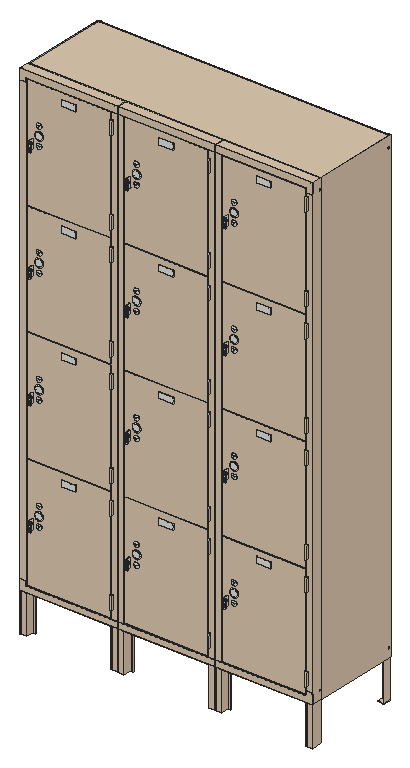
Revit family "Metal_Vented_Lockers-Salsbury_Industries-84000_Series-3_Wide_Units", category Specialty Equipment, Revit 2016 (continued)
Definition of nested family "Metal Locker Zee Base - 3 Wide"
  Types (6): name | Width | Visible | Model | Depth
    None | 36.040" | no | "77572" | 12.010"
  Reference planes (in)
    plane 1 "Center (Front/Back)": y = 0
    plane 2: z = 0
    plane 3 "Center (Left/Right)": x = 0
    plane 4 "Floor": z = 0
    plane 5 "Bottom of Unit": z = 4
    plane 6 "Left Side of Unit": x = -22.52
    plane 7 "Right Side of Unit": x = 22.52
    plane 8 "Back of Unit": y = 7.505
    plane 9 "Front of Unit": y = -7.505
    plane 10 "Right Side of Door Opening": x = 21.52
    plane 11 "Left Side of Door Opening": x = -21.52
    plane 12 "Top of back legs": z = 4.185
    plane 13 "Back Edge of Front Facing": y = -5.917
    plane 14 "Inside Edge of Front Leg": x = -21.08
    plane 15 "Inside Edge of Right Leg": x = 21.08
    plane 16: y = -6.32
    plane 17 "Back Edge of Rear Legs": y = 7.395
    plane 18 "Right Edge of Rear Right Leg": x = 22.4
    plane 19 "Left Edge or Rear Left Leg": x = -22.4
    plane 20: y = 6.395
    plane 21 "Inside Edge or Rear Right Leg": x = 21.4
    plane 22 "Inside Edge or Left Rear Leg": x = -21.4
  Forms (in)
    Extrusion 1, solid, material <- "Primary Structure Material", visible <- "Visible"
      sketch origin (0, 0, 0) x (0, -1, 0) y (1, 0, 0)
        loop
          line (-7.395, 22.4) -> (-7.395, 21.4) -> (-7.335, 21.4) -> (-7.335, 22.34) -> (-6.395, 22.34) -> (-6.395, 22.4) -> (-7.395, 22.4)
      from 0.06 to 4.185
    Extrusion 2, solid, material <- "Primary Structure Material", visible <- "Visible"
      sketch origin (0, 0, 0) x (0, -1, 0) y (1, 0, 0)
        loop
          line (-7.395, 22.4) -> (-7.395, 21.4) -> (-6.395, 21.4) -> (-6.395, 22.4) -> (-7.395, 22.4)
      from 0 to 0.06
    Extrusion 3, solid, material <- "Primary Structure Material", visible <- "Visible"
      sketch origin (0, 0, 0) x (0, -1, 0) y (1, 0, 0)
        loop
          line (-7.395, -22.4) -> (-6.395, -22.4) -> (-6.395, -22.34) -> (-7.335, -22.34) -> (-7.335, -21.4) -> (-7.395, -21.4) -> (-7.395, -22.4)
      from 0.06 to 4.185
    Extrusion 4, solid, material <- "Primary Structure Material", visible <- "Visible"
      sketch origin (0, 0, 0) x (0, -1, 0) y (1, 0, 0)
        loop
          line (-7.395, -22.4) -> (-6.395, -22.4) -> (-6.395, -21.4) -> (-7.395, -21.4) -> (-7.395, -22.4)
      from 0 to 0.06
    Extrusion 5, solid, material <- "Primary Structure Material", visible <- "Visible"
      sketch origin (0, 0, 0) x (0, 1, 0) y (0, 0, 1)
        loop
          line (-7.505, 4) -> (-7.505, 3.94) -> (-5.917, 3.94) -> (-5.917, 0) -> (-4.269, 0) -> (-4.269, 0.06) -> (-5.857, 0.06) -> (-5.857, 4) -> (-7.505, 4)
      from -22.52 to 22.52
  Dimensions and locks (in)
    equal spacing: plane 6 "Left Side of Unit", plane 3 "Center (Left/Right)", plane 7 "Right Side of Unit"
    "Width": plane 6 "Left Side of Unit" to plane 7 "Right Side of Unit"
    "Height": plane 5 "Bottom of Unit" to plane 4 "Floor"
    equal spacing: plane 9 "Front of Unit", plane 1 "Center (Front/Back)", plane 8 "Back of Unit"
    "Depth": plane 9 "Front of Unit" to plane 8 "Back of Unit"
    plane 12 "Top of back legs" to plane 5 "Bottom of Unit" = 0.185"
    plane 6 "Left Side of Unit" to plane 11 "Left Side of Door Opening" = 1.000"
    plane 10 "Right Side of Door Opening" to plane 7 "Right Side of Unit" = 1.000"
    locked: plane 9 "Front of Unit" to plane 13 "Back Edge of Front Facing" at 1.588
    plane 11 "Left Side of Door Opening" to plane 14 "Inside Edge of Front Leg" = 0.440"
    plane 15 "Inside Edge of Right Leg" to plane 10 "Right Side of Door Opening" = 0.440"
    plane 9 "Front of Unit" to plane 16 = 1.185"
    plane 15 "Inside Edge of Right Leg" to plane 21 "Inside Edge or Rear Right Leg" to plane 10 "Right Side of Door Opening" to plane 18 "Right Edge of Rear Right Leg" to plane 7 "Right Side of Unit" = 0.320", 0.120", 0.880", 0.120"
    plane 6 "Left Side of Unit" to plane 19 "Left Edge or Rear Left Leg" to plane 11 "Left Side of Door Opening" to plane 22 "Inside Edge or Left Rear Leg" to plane 14 "Inside Edge of Front Leg" = 0.120", 0.880", 0.120", 0.320"
    plane 20 to plane 17 "Back Edge of Rear Legs" to plane 8 "Back of Unit" = 1.000", 0.110"
    aligned and locked: level to plane 2
    aligned and locked: Extrusion 1 to Extrusion 2
    aligned and locked: Extrusion 4 to Extrusion 3
    aligned and locked: Extrusion 1 to plane 18 "Right Edge of Rear Right Leg"
    aligned and locked: Extrusion 1 to plane 17 "Back Edge of Rear Legs"
    aligned and locked: Extrusion 3 to plane 19 "Left Edge or Rear Left Leg"
    aligned and locked: plane 17 "Back Edge of Rear Legs" to Extrusion 3
    aligned and locked: Extrusion 1 to plane 12 "Top of back legs"
    aligned and locked: plane 12 "Top of back legs" to Extrusion 3
    aligned and locked: Extrusion 5 to plane 7 "Right Side of Unit"
    aligned and locked: plane 6 "Left Side of Unit" to Extrusion 5
  Automatic sketch dimensions
    plane 17 "Back Edge of Rear Legs" to Extrusion 1 sketch curve = 0.000"
    Extrusion 1 sketch curve to plane 21 "Inside Edge or Rear Right Leg" = 0.000"
    Extrusion 1 sketch curve to plane 18 "Right Edge of Rear Right Leg" = 0.000"
    plane 20 to Extrusion 1 sketch curve = 0.000"
    plane 17 "Back Edge of Rear Legs" to Extrusion 1 sketch curve = 0.060"
    plane 18 "Right Edge of Rear Right Leg" to Extrusion 1 sketch curve = 0.060"
    plane 17 "Back Edge of Rear Legs" to Extrusion 2 sketch curve = 0.000"
    Extrusion 2 sketch curve to plane 18 "Right Edge of Rear Right Leg" = 0.000"
    plane 20 to Extrusion 2 sketch curve = 0.000"
    Extrusion 2 sketch curve to plane 21 "Inside Edge or Rear Right Leg" = 0.000"
    plane 17 "Back Edge of Rear Legs" to Extrusion 3 sketch curve = 0.000"
    Extrusion 3 sketch curve to plane 22 "Inside Edge or Left Rear Leg" = 0.000"
    Extrusion 3 sketch curve to plane 19 "Left Edge or Rear Left Leg" = 0.000"
    plane 20 to Extrusion 3 sketch curve = 0.000"
    Extrusion 3 sketch curve to plane 17 "Back Edge of Rear Legs" = 0.060"
    Extrusion 3 sketch curve to plane 19 "Left Edge or Rear Left Leg" = 0.060"
    plane 17 "Back Edge of Rear Legs" to Extrusion 4 sketch curve = 0.000"
    Extrusion 4 sketch curve to plane 19 "Left Edge or Rear Left Leg" = 0.000"
    plane 20 to Extrusion 4 sketch curve = 0.000"
    Extrusion 4 sketch curve to plane 22 "Inside Edge or Left Rear Leg" = 0.000"
    Extrusion 5 sketch curve to plane 9 "Front of Unit" = 0.000"
    Extrusion 5 sketch curve to level = 0.000"
    Extrusion 5 sketch curve to plane 13 "Back Edge of Front Facing" = 0.000"
    plane 5 "Bottom of Unit" to Extrusion 5 sketch curve = 0.000"
    Extrusion 5 sketch curve to plane 13 "Back Edge of Front Facing" = 0.060"
    Extrusion 5 sketch curve to Extrusion 5 sketch curve = 1.588"
    level to Extrusion 5 sketch curve = 0.060"
    plane 5 "Bottom of Unit" to Extrusion 5 sketch curve = 0.060"
Definition of nested family "Metal Locker Zee Base-Right Side"
  Parameters (values of type "77578 Right - 18" D")
    Width including Rivet [instance] = 1.290"
    Visible = yes
    Primary Structure Material = none
    Depth = 16.362"
    Version = "1.0 (11/30/15)"
    Type Comments = "Zee Base Kit for Standard Metal Lockers - No Legs"
    Model = "77578"
    MasterFormat Title = ""
    MasterFormat Number = ""
    Manufacturer = "Salsbury Industries"
    Description = "4\" H x 6' L - for 12\" Deep Lockers (Includes 6 Foot Front Base, 2 End Bases, Corner Splicer and 4 Rear Legs)"
    Width = 4.000"
    Height = 4.000"
    Assembly Code = ""
  Types (4): name | Visible | Depth | Type Comments | Model | Description
    77572 Right - 12" D | yes | 10.362" | "Zee Base Kit for Standard Metal Lockers - No Legs" | "77572" | "4\" H x 6' L - for 12\" Deep Lockers (Includes 6 Foot Front Base, 2 End Bases, Corner Splicer and 4 Rear Legs)"
    77575 Right - 15" D | yes | 13.362" | "Zee Base Kit for Standard Metal Lockers - No Legs" | "77575" | "4\" H x 6' L - for 12\" Deep Lockers (Includes 6 Foot Front Base, 2 End Bases, Corner Splicer and 4 Rear Legs)"
    77578 Right - 18" D | yes | 16.362" | "Zee Base Kit for Standard Metal Lockers - No Legs" | "77578" | "4\" H x 6' L - for 12\" Deep Lockers (Includes 6 Foot Front Base, 2 End Bases, Corner Splicer and 4 Rear Legs)"
    None | no | 10.362" | "End Base for Standard Metal Lockers" | "" | ""
  Reference planes (in)
    plane 1 "Center (Front/Back)": y = 0
    plane 2: z = 0
    plane 3 "Center (Left/Right)": x = 3.99
    plane 4 "Floor": z = 0
    plane 5 "Top of Enclosure": z = 4
    plane 6 "Left Edge of Insert": x = 4.77
    plane 7 "Right Side of Unit": x = 5.99
    plane 8 "Left Edge of Enclosure": y = -8.181
    plane 9 "Right Edge of Enclosure": y = 8.181
    plane 10 "Bottom Edge of Enclosure": z = 0.06
    plane 11 "Left Edge of Base": x = 1.99
  Forms (in)
    Extrusion 1, solid, material <- "Primary Structure Material", visible <- "Visible"
      sketch origin (5.99, 0, 0) x (0, 0, -1) y (0, -1, 0)
        loop
          line (-4, 6.93967) -> (-4, -6.931) -> (-3.94, -6.931) -> (-3.94, 6.93967) -> (-4, 6.93967)
      from 0.06 to 1.22
    Extrusion 2, solid, material <- "Primary Structure Material", visible <- "Visible"
      sketch origin (0, 0, 0) x (0, -1, 0) y (1, 0, 0)
        loop
          line (-8.181, 1.99) -> (-8.121, 1.99) -> (-8.121, 5.93) -> (8.121, 5.93) -> (8.121, 1.99) -> (8.181, 1.99) -> (8.181, 5.99) -> (-8.181, 5.99) -> (-8.181, 1.99)
      from 0.06 to 4
  Dimensions and locks (in)
    "Height": plane 5 "Top of Enclosure" to plane 4 "Floor"
    equal spacing: plane 8 "Left Edge of Enclosure", plane 1 "Center (Front/Back)", plane 9 "Right Edge of Enclosure"
    "Depth": plane 8 "Left Edge of Enclosure" to plane 9 "Right Edge of Enclosure"
    "Width": plane 11 "Left Edge of Base" to plane 7 "Right Side of Unit"
    equal spacing: plane 11 "Left Edge of Base", plane 3 "Center (Left/Right)", plane 7 "Right Side of Unit"
    locked: plane 4 "Floor" to plane 10 "Bottom Edge of Enclosure" at 0.06
    aligned and locked: level to plane 2
    aligned and locked: plane 6 "Left Edge of Insert" to Extrusion 1
    aligned and locked: Extrusion 2 to plane 9 "Right Edge of Enclosure"
    aligned and locked: Extrusion 2 to plane 10 "Bottom Edge of Enclosure"
    aligned and locked: plane 11 "Left Edge of Base" to Extrusion 2
  Automatic sketch dimensions
    plane 5 "Top of Enclosure" to Extrusion 1 sketch curve = 0.000"
    Extrusion 1 sketch curve to Extrusion 1 sketch curve = 0.060"
    plane 9 "Right Edge of Enclosure" to Extrusion 1 sketch curve = 1.250"
    Extrusion 1 sketch curve to plane 8 "Left Edge of Enclosure" = 1.24133"
    Extrusion 2 sketch curve to plane 7 "Right Side of Unit" = 0.000"
    plane 9 "Right Edge of Enclosure" to Extrusion 2 sketch curve = 0.000"
    plane 6 "Left Edge of Insert" to Extrusion 2 sketch curve = 2.780"  (x2)
    Extrusion 2 sketch curve to Extrusion 2 sketch curve = 0.060"
    plane 7 "Right Side of Unit" to Extrusion 2 sketch curve = 0.060"
    Extrusion 2 sketch curve to plane 8 "Left Edge of Enclosure" = 0.060"
    Extrusion 2 sketch curve to plane 8 "Left Edge of Enclosure" = 0.000"
Definition of nested family "Metal Locker Zee Base-Left Side"
  Parameters (values of type "77572 Left - 12" D")
    Width including Rivet [instance] = 1.290"
    Visible = yes
    Primary Structure Material = none
    Depth = 10.362"
    Version = "1.0 (11/30/15)"
    Type Comments = "Zee Base Kit for Standard Metal Lockers - No Legs"
    Model = "77572"
    MasterFormat Title = ""
    MasterFormat Number = ""
    Manufacturer = "Salsbury Industries"
    Description = "4\" H x 6' L - for 12\" Deep Lockers (Includes 6 Foot Front Base, 2 End Bases, Corner Splicer and 4 Rear Legs)"
    Width = 4.000"
    Height = 4.000"
    Assembly Code = ""
  Types (4): name | Visible | Depth | Type Comments | Model | Description
    77572 Left - 12" D | yes | 10.362" | "Zee Base Kit for Standard Metal Lockers - No Legs" | "77572" | "4\" H x 6' L - for 12\" Deep Lockers (Includes 6 Foot Front Base, 2 End Bases, Corner Splicer and 4 Rear Legs)"
    77575 Left - 15" D | yes | 13.362" | "Zee Base Kit for Standard Metal Lockers - No Legs" | "77575" | "4\" H x 6' L - for 12\" Deep Lockers (Includes 6 Foot Front Base, 2 End Bases, Corner Splicer and 4 Rear Legs)"
    77578 Left- 18" D | yes | 16.362" | "Zee Base Kit for Standard Metal Lockers - No Legs" | "77578" | "4\" H x 6' L - for 12\" Deep Lockers (Includes 6 Foot Front Base, 2 End Bases, Corner Splicer and 4 Rear Legs)"
    None | no | 10.362" | "End Base for Standard Metal Lockers" | "" | ""
  Reference planes (in)
    plane 1 "Center (Front/Back)": y = 0
    plane 2: z = 0
    plane 3 "Center (Left/Right)": x = 3.99
    plane 4 "Floor": z = 0
    plane 5 "Top of Enclosure": z = 4
    plane 6 "Right Side of Unit": x = 5.99
    plane 7 "Left Edge of Enclosure": y = -5.181
    plane 8 "Right Edge of Enclosure": y = 5.181
    plane 9 "Bottom Edge of Enclosure": z = 0.06
    plane 10 "Left Edge of Base": x = 1.99
    plane 11 "Right Edge of Inser": x = 3.21
  Forms (in)
    Extrusion 1, solid, material <- "Primary Structure Material", visible <- "Visible"
      sketch origin (7.98, 0, 0) x (0, -1, 0) y (1, 0, 0)
        loop
          line (-5.181, -1.99) -> (-5.181, -5.99) -> (5.181, -5.99) -> (5.181, -1.99) -> (5.121, -1.99) -> (5.121, -5.93) -> (-5.121, -5.93) -> (-5.121, -1.99) -> (-5.181, -1.99)
      from 0.06 to 4
    Extrusion 2, solid, material <- "Primary Structure Material", visible <- "Visible"
      sketch origin (1.99, 0, 0) x (0, 0, -1) y (0, 1, 0)
        loop
          line (-4, -3.93967) -> (-3.94, -3.93967) -> (-3.94, 3.931) -> (-4, 3.931) -> (-4, -3.93967)
      from 0.06 to 1.22
  Dimensions and locks (in)
    "Height": plane 5 "Top of Enclosure" to plane 4 "Floor"
    equal spacing: plane 7 "Left Edge of Enclosure", plane 1 "Center (Front/Back)", plane 8 "Right Edge of Enclosure"
    "Depth": plane 7 "Left Edge of Enclosure" to plane 8 "Right Edge of Enclosure"
    "Width": plane 10 "Left Edge of Base" to plane 6 "Right Side of Unit"
    equal spacing: plane 10 "Left Edge of Base", plane 3 "Center (Left/Right)", plane 6 "Right Side of Unit"
    locked: plane 4 "Floor" to plane 9 "Bottom Edge of Enclosure" at 0.06
    aligned and locked: level to plane 2
    aligned and locked: plane 10 "Left Edge of Base" to Extrusion 1
  Automatic sketch dimensions
    plane 8 "Right Edge of Enclosure" to Extrusion 1 sketch curve = 0.000"
    Extrusion 1 sketch curve to plane 6 "Right Side of Unit" = 0.000"  (x2)
    plane 7 "Left Edge of Enclosure" to Extrusion 1 sketch curve = 0.000"
    Extrusion 1 sketch curve to plane 10 "Left Edge of Base" = 0.000"
    Extrusion 1 sketch curve to Extrusion 1 sketch curve = 0.060"
    plane 7 "Left Edge of Enclosure" to Extrusion 1 sketch curve = 0.060"
    plane 10 "Left Edge of Base" to Extrusion 1 sketch curve = 0.060"
    plane 5 "Top of Enclosure" to Extrusion 2 sketch curve = 0.000"
    Extrusion 2 sketch curve to Extrusion 2 sketch curve = 0.060"
    Extrusion 2 sketch curve to plane 7 "Left Edge of Enclosure" = 1.24133"
    plane 8 "Right Edge of Enclosure" to Extrusion 2 sketch curve = 1.250"
Definition of nested family "Metal Locker Zee Base Corner"
  Parameters (values of type "77572, 77575, 77578")
    Width = 2.000"
    Visible = yes
    Version = "1.0 (11/30/15)"
    Type Comments = "Zee Base Kit for Standard Metal Lockers - No Legs"
    Primary Structure Material = none
    Model = "n/a"
    Manufacturer = "Salsbury Industries"
    Height = 3.940"
    Description = "4\" H x 6' L - for 12\" Deep Lockers (Includes 6 Foot Front Base, 2 End Bases, Corner Splicer and 4 Rear Legs)"
    Depth = 2.000"
  Types (2): name | Visible
    77572, 77575, 77578 | yes
    None | no
  Reference planes (in)
    plane 1 "Center (Front/Back)": y = 0
    plane 2 "Bottom of Component": z = 0
    plane 3 "Center (Left/Right)": x = 0
    plane 4: z = 3.94
    plane 5: x = -1
    plane 6: x = 1
    plane 7 "Front": y = -1
    plane 8 "Back": y = 1
  Forms (in)
    Extrusion 1, solid, material <- "Primary Structure Material", visible <- "Visible"
      sketch origin (0, 0, 0) x (1, 0, 0) y (0, 1, 0)
        loop
          line (-1, 1) -> (-1, 0.94) -> (0.94, 0.94) -> (0.94, -1) -> (1, -1) -> (1, 1) -> (-1, 1)
      from 0 to 3.94
  Dimensions and locks (in)
    "Height": plane 4 to plane 2 "Bottom of Component"
    equal spacing: plane 5, plane 3 "Center (Left/Right)", plane 6
    "Width": plane 5 to plane 6
    equal spacing: plane 7 "Front", plane 1 "Center (Front/Back)", plane 8 "Back"
    "Depth": plane 7 "Front" to plane 8 "Back"
    aligned and locked: plane 2 "Bottom of Component" to level
  Automatic sketch dimensions
    Extrusion 1 sketch curve to plane 5 = 0.000"
    plane 7 "Front" to Extrusion 1 sketch curve = 0.000"
    Extrusion 1 sketch curve to plane 6 = 0.000"
    plane 8 "Back" to Extrusion 1 sketch curve = 0.000"
    plane 6 to Extrusion 1 sketch curve = 0.060"
    Extrusion 1 sketch curve to Extrusion 1 sketch curve = 0.060"
Definition of nested family "Metal Locker End Panel"
  Parameters (values of type "77362 - for 6' H x 12" D Lockers")
    Width = 0.925"
    Visible = yes
    Version = "1.0 (11/30/15)"
    Type Comments = "Finished End Panel for Standard Metal Lockers"
    Primary Structure Material = none
    Model = "77362"
    MasterFormat Title = ""
    MasterFormat Number = ""
    Manufacturer = "Salsbury Industries"
    Height = 72.000"
    Description = "End Panel for 6' H x 12\" Deep Lockers"
    Depth = 12.010"
    Assembly Code = ""
  Types (7): name | Visible | Model | Height | Description | Depth
    77362 - for 6' H x 12" D Lockers | yes | "77362" | 72.000" | "End Panel for 6' H x 12\" Deep Lockers" | 12.010"
    77365 - for 6' H x 15" D Lockers | yes | "77365" | 72.000" | "End Panel for 6' H x 15\" Deep Lockers" | 15.010"
    77368 - for 6' H X 18" D Lockers | yes | "77368" | 72.000" | "End Panel for 6' H x 18\" Deep Lockers" | 18.010"
    77352 - for 5' H x 12" D Lockers | yes | "77352" | 60.000" | "End Panel for 5' H x 12\" Deep Lockers" | 12.010"
    77355 - for 5' H x 15" D Lockers | yes | "77355" | 60.000" | "End Panel for 5' H x 15\" Deep Lockers" | 15.010"
    77358 - for 5' H x 18" D Lockers | yes | "77358" | 60.000" | "End Panel for 5' H x 18\" Deep Lockers" | 18.010"
    None | no | "n/a" | 72.000" | "" | 12.010"
  Reference planes (in)
    plane 1 "Center (Front/Back)": y = -2.167
    plane 2: z = 0
    plane 3 "Center (Left/Right)": x = -4.595
    plane 4 "Bottom of Panel": z = 0
    plane 5 "Top of Panel": z = 72
    plane 6 "Front of Panel": y = -8.172
    plane 7 "Right Side of Enclosure": x = -4.1325
    plane 8 "Left Side of Enclosure": x = -5.0575
    plane 9 "Back of Panel": y = 3.838
    plane 10: z = 36
    plane 11: z = 70.283
    plane 12: z = 1.717
    plane 13 "Outside Edge of Front Flap": y = -8.23214
    plane 14 "Outside Edge of Back Flap": y = 3.898
  Forms (in)
    Extrusion 1, solid, material <- "Primary Structure Material", visible <- "Visible"
      sketch origin (-4.1325, 0.48244, 0) x (0, 0, -1) y (0, -1, 0)
        loop
          line (-72, 8.71458) -> (-72, -3.41556) -> (0, -3.41556) -> (0, 8.71458) -> (-72, 8.71458)
      from 0 to -0.06
    Extrusion 2, solid, material <- "Primary Structure Material", visible <- "Visible"
      sketch origin (0, 3.838, 0) x (0, 0, -1) y (1, 0, 0)
        loop
          line (-72, -5.0575) -> (0, -5.0575) -> (0, -4.1325) -> (-72, -4.1325) -> (-72, -5.0575)
      from 0 to -0.06
    Extrusion 3, solid, material <- "Primary Structure Material", visible <- "Visible"
      sketch origin (0, -8.172, 0) x (1, 0, 0) y (0, 0, 1)
        loop
          line (-5.0575, 70.283) -> (-5.0575, 1.717) -> (-4.1325, 1.717) -> (-4.1325, 70.283) -> (-5.0575, 70.283)
      from 0.06014 to 0
  Dimensions and locks (in)
    equal spacing: plane 6 "Front of Panel", plane 1 "Center (Front/Back)", plane 9 "Back of Panel"
    "Depth": plane 6 "Front of Panel" to plane 9 "Back of Panel"
    equal spacing: plane 8 "Left Side of Enclosure", plane 3 "Center (Left/Right)", plane 7 "Right Side of Enclosure"
    "Width": plane 8 "Left Side of Enclosure" to plane 7 "Right Side of Enclosure"
    equal spacing: plane 5 "Top of Panel", plane 10, plane 2
    "Height": plane 5 "Top of Panel" to plane 2
    locked: plane 5 "Top of Panel" to plane 11 at 1.717
    locked: plane 13 "Outside Edge of Front Flap" to plane 6 "Front of Panel" at 0.06014
    locked: plane 9 "Back of Panel" to plane 14 "Outside Edge of Back Flap" at 0.06
    aligned and locked: level to plane 2
    aligned and locked: plane 5 "Top of Panel" to Extrusion 1 sketch curve
    aligned and locked: plane 5 "Top of Panel" to Extrusion 2 sketch curve
    aligned and locked: Extrusion 2 to plane 9 "Back of Panel"
    aligned and locked: plane 11 to Extrusion 3 sketch curve
    aligned and locked: plane 6 "Front of Panel" to Extrusion 3
    aligned and locked: plane 14 "Outside Edge of Back Flap" to Extrusion 2
    aligned and locked: Extrusion 1 to plane 14 "Outside Edge of Back Flap"
    aligned and locked: plane 13 "Outside Edge of Front Flap" to Extrusion 3
    aligned and locked: Extrusion 2 to plane 7 "Right Side of Enclosure"
    aligned and locked: Extrusion 3 to plane 7 "Right Side of Enclosure"
  Automatic sketch dimensions
    Extrusion 1 sketch curve to level = 0.000"
    Extrusion 2 sketch curve to level = 0.000"
    plane 8 "Left Side of Enclosure" to Extrusion 2 sketch curve = 0.000"
    plane 7 "Right Side of Enclosure" to Extrusion 2 sketch curve = 0.000"
    plane 8 "Left Side of Enclosure" to Extrusion 3 sketch curve = 0.000"
    Extrusion 3 sketch curve to plane 12 = 0.000"
    plane 7 "Right Side of Enclosure" to Extrusion 3 sketch curve = 0.000"
    Extrusion 1 sketch curve to plane 14 "Outside Edge of Back Flap" = 0.000"
    plane 6 "Front of Panel" to Extrusion 1 sketch curve = 0.06014"
Definition of nested family "Metal Locker Front Filler"
  Parameters (values of type "77869 - for 6' H Lockers (Zee Base or No Legs)")
    Width = 9.000"
    Visible = yes
    Version = "1.0 (11/30/15)"
    Type Comments = "Vertical Front Filler for Standard Metal Lockers"
    Primary Structure Material = none
    Model = "77865"
    MasterFormat Title = ""
    MasterFormat Number = ""
    Manufacturer = "Salsbury Industries"
    Height = 72.000"
    Description = "9\" W Vertical Front Filler for 6' H Lockers"
    Depth = 1.500"
    Assembly Code = ""
  Types (9): name | Width | Visible | Model | Height | Description | Depth
    77865 - for 6' H Lockers with Legs | 15.000" | yes | "77865" | 78.000" | "15\" W Vertical Front Filler for 6' H Lockers" | 1.000"
    77869 - for 6' H Lockers with Legs | 9.000" | yes | "77865" | 78.000" | "9\" W Vertical Front Filler for 6' H Lockers" | 1.000"
    77855 - for 5' H Lockers with Legs | 15.000" | yes | "77855" | 66.000" | "15\" W Vertical Front Filler for 5' H Lockers" | 1.000"
    77859 - for 5' H Lockers with Legs | 9.000" | yes | "77859" | 66.000" | "9\" W Vertical Front Filler for 5' H Lockers" | 1.000"
    None | 15.000" | no | "n/a" | 78.000" | "" | 1.500"
    77865 - for 6' H Lockers (Zee Base or No Legs) | 15.000" | yes | "77865" | 72.000" | "15\" W Vertical Front Filler for 6' H Lockers" | 1.000"
    77869 - for 6' H Lockers (Zee Base or No Legs) | 9.000" | yes | "77865" | 72.000" | "9\" W Vertical Front Filler for 6' H Lockers" | 1.500"
    77859 - for 5' H Lockers (Zee Base or No Legs) | 9.000" | yes | "77859" | 60.000" | "9\" W Vertical Front Filler for 5' H Lockers" | 1.000"
    77855 - for 5' H Lockers (Zee Base or No Legs) | 15.000" | yes | "77855" | 60.000" | "15\" W Vertical Front Filler for 5' H Lockers" | 1.000"
  Reference planes (in)
    plane 1 "Center (Front/Back)": y = -2.167
    plane 2: z = 0
    plane 3 "Center (Left/Right)": x = -4.595
    plane 4 "Bottom of Filler": z = 0
    plane 5 "Top of Panel": z = 72
    plane 6 "Front of Filler": y = -2.917
    plane 7 "Right Side of Filler": x = -0.095
    plane 8 "Left Side of Filler": x = -9.095
    plane 9 "Back of Filler": y = -1.417
    plane 10: z = 36
  Forms (in)
    Extrusion 1, solid, material <- "Primary Structure Material", visible <- "Visible"
      sketch origin (0, 0, 0) x (0, -1, 0) y (1, 0, 0)
        loop
          line (1.417, -9.095) -> (2.917, -9.095) -> (2.917, -1.095) -> (2.869, -1.095) -> (2.869, -9.047) -> (1.417, -9.047) -> (1.417, -9.095)
      from 0 to 72
    Extrusion 2, solid, material <- "Primary Structure Material", visible <- "Visible"
      sketch origin (0, -0.20425, 0) x (0, -1, 0) y (1, 0, 0)
        loop
          line (1.30875, -0.095) -> (1.30875, -0.143) -> (2.76075, -0.143) -> (2.76075, -1.595) -> (2.80875, -1.595) -> (2.80875, -0.095) -> (1.30875, -0.095)
      from 0 to 72
    Extrusion 3, solid, material <- "Primary Structure Material", visible <- "Visible"
      sketch origin (0, 0.10825, 0) x (0, -1, 0) y (1, 0, 0)
        loop
          line (3.07325, -1.595) -> (3.07325, -0.82524) -> (3.02525, -0.82524) -> (3.02525, -1.376) -> (3.02525, -1.449) -> (3.02525, -1.522) -> (3.02525, -1.595) -> (3.07325, -1.595)
      from 0 to 72
    Extrusion 4, solid, material <- "Primary Structure Material", visible <- "Visible"
      sketch origin (0, 0, 0) x (0, -1, 0) y (1, 0, 0)
        loop
          line (2.917, -0.82524) -> (2.821, -0.82524) -> (2.821, -1.80024) -> (2.869, -1.80024) -> (2.869, -0.87324) -> (2.917, -0.87324) -> (2.917, -0.82524)
      from 0 to 72
  Dimensions and locks (in)
    equal spacing: plane 6 "Front of Filler", plane 1 "Center (Front/Back)", plane 9 "Back of Filler"
    "Depth": plane 6 "Front of Filler" to plane 9 "Back of Filler"
    equal spacing: plane 8 "Left Side of Filler", plane 3 "Center (Left/Right)", plane 7 "Right Side of Filler"
    "Width": plane 8 "Left Side of Filler" to plane 7 "Right Side of Filler"
    equal spacing: plane 5 "Top of Panel", plane 10, plane 2
    "Height": plane 5 "Top of Panel" to plane 2
    aligned and locked: level to plane 2
    aligned and locked: Extrusion 1 to plane 5 "Top of Panel"
    aligned and locked: Extrusion 2 to plane 5 "Top of Panel"
    aligned and locked: Extrusion 3 to plane 5 "Top of Panel"
    aligned and locked: Extrusion 4 to plane 5 "Top of Panel"
  Automatic sketch dimensions
    plane 9 "Back of Filler" to Extrusion 1 sketch curve = 0.000"
    plane 6 "Front of Filler" to Extrusion 1 sketch curve = 0.000"
    Extrusion 1 sketch curve to plane 8 "Left Side of Filler" = 0.000"
    Extrusion 1 sketch curve to plane 6 "Front of Filler" = 0.048"
    Extrusion 1 sketch curve to Extrusion 1 sketch curve = 0.048"
    plane 7 "Right Side of Filler" to Extrusion 1 sketch curve = 1.000"
    Extrusion 2 sketch curve to plane 7 "Right Side of Filler" = 0.000"
    plane 7 "Right Side of Filler" to Extrusion 2 sketch curve = 0.048"
    plane 9 "Back of Filler" to Extrusion 2 sketch curve = 0.096"
    plane 6 "Front of Filler" to Extrusion 2 sketch curve = 0.048"
    Extrusion 2 sketch curve to Extrusion 2 sketch curve = 0.048"
    Extrusion 2 sketch curve to Extrusion 2 sketch curve = 1.452"
    plane 6 "Front of Filler" to Extrusion 3 sketch curve = 0.000"
    plane 7 "Right Side of Filler" to Extrusion 3 sketch curve = 1.500"
    Extrusion 3 sketch curve to Extrusion 3 sketch curve = 0.073"  (x3)
    Extrusion 3 sketch curve to Extrusion 3 sketch curve = 0.55076"
    Extrusion 3 sketch curve to Extrusion 3 sketch curve = 0.048"
    plane 6 "Front of Filler" to Extrusion 4 sketch curve = 0.000"
    Extrusion 4 sketch curve to plane 6 "Front of Filler" = 0.048"
    Extrusion 4 sketch curve to Extrusion 4 sketch curve = 0.048"  (x2)
    plane 7 "Right Side of Filler" to Extrusion 4 sketch curve = 1.70524"
    plane 7 "Right Side of Filler" to Extrusion 4 sketch curve = 0.77824"
Definition of nested family "Metal Locker Flat Top Filler"
  Parameters (values of type "77842 - for 12" Deep Lockers (15" W)")
    Width = 16.250"
    Visible = yes
    Version = "1.0 (11/30/15)"
    Type Comments = "Flat Top Filler for Standard Metal Lockers"
    Primary Structure Material = none
    Model = "77842"
    MasterFormat Title = ""
    MasterFormat Number = ""
    Manufacturer = "Salsbury Industries"
    Height = 1.003"
    Description = "15\"W Flat Top In-Line Filler"
    Depth = 12.118"
    Assembly Code = ""
  Types (7): name | Width | Visible | Model | Depth
    77842 - for 12" Deep Lockers (15" W) | 16.250" | yes | "77842" | 12.118"
    77842 - for 12" Deep Lockers (9" W) | 10.250" | yes | "77842" | 12.118"
    77845 - for 15" Deep Lockers (15" W) | 16.250" | yes | "77845" | 15.118"
    77845 - for 15" Deep Lockers (9" W) | 10.250" | yes | "77845" | 15.118"
    77848 - for 18" Deep Lockers (15" W) | 16.250" | yes | "77848" | 18.118"
    77848 - for 18" Deep Lockers (9" W) | 10.250" | yes | "77848" | 18.118"
    None | 16.250" | no | "" | 12.118"
  Reference planes (in)
    plane 1 "Center (Front/Back)": y = -2.167
    plane 2: z = 0
    plane 3 "Center (Left/Right)": x = -4.595
    plane 4 "Bottom of Panel": z = 0
    plane 5 "Top of Panel": z = 1.003
    plane 6 "Front of Panel": y = -8.226
    plane 7 "Right Side of Enclosure": x = 3.53
    plane 8 "Left Side of Enclosure": x = -12.72
    plane 9 "Back of Panel": y = 3.892
    plane 10: z = 0.5015
  Forms (in)
    Extrusion 1, solid, material <- "Primary Structure Material", visible <- "Visible"
      sketch origin (-4.595, 0, 0) x (0, 1, 0) y (0, 0, 1)
        loop
          line (-8.226, 0) -> (-8.178, 0) -> (-8.178, 0.955) -> (3.892, 0.955) -> (3.892, 1.003) -> (-8.226, 1.003) -> (-8.226, 0)
      from -8.125 to 8.125
  Dimensions and locks (in)
    equal spacing: plane 6 "Front of Panel", plane 1 "Center (Front/Back)", plane 9 "Back of Panel"
    "Depth": plane 6 "Front of Panel" to plane 9 "Back of Panel"
    equal spacing: plane 8 "Left Side of Enclosure", plane 3 "Center (Left/Right)", plane 7 "Right Side of Enclosure"
    "Width": plane 8 "Left Side of Enclosure" to plane 7 "Right Side of Enclosure"
    equal spacing: plane 5 "Top of Panel", plane 10, plane 2
    "Height": plane 5 "Top of Panel" to plane 2
    aligned and locked: level to plane 2
    aligned and locked: Extrusion 1 to plane 7 "Right Side of Enclosure"
    aligned and locked: plane 8 "Left Side of Enclosure" to Extrusion 1
    aligned and locked: plane 6 "Front of Panel" to Extrusion 1
    aligned and locked: Extrusion 1 to plane 9 "Back of Panel"
  Automatic sketch dimensions
    plane 5 "Top of Panel" to Extrusion 1 sketch curve = 0.000"
    Extrusion 1 sketch curve to plane 6 "Front of Panel" = 0.000"
    Extrusion 1 sketch curve to level = 0.000"
    Extrusion 1 sketch curve to plane 9 "Back of Panel" = 0.000"
    Extrusion 1 sketch curve to plane 6 "Front of Panel" = 0.048"
    plane 5 "Top of Panel" to Extrusion 1 sketch curve = 0.048"
Definition of nested family "Metal Locker Flat Corner Filler"
  Parameters (values of type "77832 - for 12" Deep Lockers")
    Width = 12.625"
    Visible = yes
    Version = "1.0 (11/30/15)"
    Type Comments = "Flat Top Corner Filler for Standard Metal Lockers"
    Primary Structure Material = none
    Model = "77832"
    MasterFormat Title = ""
    MasterFormat Number = ""
    Manufacturer = "Salsbury Industries"
    Height = 0.048"
    Description = "12\"W Flat Top Corner Filler"
    Depth = 12.625"
    Assembly Code = ""
  Types (4): name | Width | Visible | Model | Description | Depth
    77832 - for 12" Deep Lockers | 12.625" | yes | "77832" | "12\"W Flat Top Corner Filler" | 12.625"
    77835 - for 15" Deep Lockers | 15.625" | yes | "77835" | "15\"W Flat Top Corner Filler" | 15.625"
    77838 - for 18" Deep Lockers | 18.625" | yes | "77838" | "18\"W Flat Top Corner Filler" | 18.625"
    None | 12.625" | no | "" | "" | 12.625"
  Reference planes (in)
    plane 1 "Center (Front/Back)": y = -2.167
    plane 2: z = 0
    plane 3 "Center (Left/Right)": x = -4.595
    plane 4 "Bottom of Panel": z = 0
    plane 5 "Top of Panel": z = 0.048
    plane 6 "Front of Panel": y = -8.4795
    plane 7 "Right Side of Enclosure": x = 1.7175
    plane 8 "Left Side of Enclosure": x = -10.9075
    plane 9 "Back of Panel": y = 4.1455
    plane 10: z = 0.024
  Forms (in)
    Extrusion 1, solid, material <- "Primary Structure Material", visible <- "Visible"
      sketch origin (0, 0, 0) x (0, -1, 0) y (1, 0, 0)
        loop
          line (7.8545, -10.9075) -> (7.8545, -10.2825) -> (8.4795, -10.2825) -> (8.4795, 1.7175) -> (-4.1455, 1.7175) -> (-4.1455, -10.9075) -> (7.8545, -10.9075)
      from 0 to 0.048
  Dimensions and locks (in)
    equal spacing: plane 6 "Front of Panel", plane 1 "Center (Front/Back)", plane 9 "Back of Panel"
    "Depth": plane 6 "Front of Panel" to plane 9 "Back of Panel"
    equal spacing: plane 8 "Left Side of Enclosure", plane 3 "Center (Left/Right)", plane 7 "Right Side of Enclosure"
    "Width": plane 8 "Left Side of Enclosure" to plane 7 "Right Side of Enclosure"
    equal spacing: plane 5 "Top of Panel", plane 10, plane 2
    "Height": plane 5 "Top of Panel" to plane 2
    aligned and locked: level to plane 2
    aligned and locked: Extrusion 1 to plane 9 "Back of Panel"
    aligned and locked: plane 6 "Front of Panel" to Extrusion 1
    aligned and locked: Extrusion 1 to plane 7 "Right Side of Enclosure"
    aligned and locked: plane 8 "Left Side of Enclosure" to Extrusion 1
  Automatic sketch dimensions
    Extrusion 1 sketch curve to plane 8 "Left Side of Enclosure" = 0.000"
    plane 9 "Back of Panel" to Extrusion 1 sketch curve = 0.000"
    plane 6 "Front of Panel" to Extrusion 1 sketch curve = 0.000"
    Extrusion 1 sketch curve to plane 7 "Right Side of Enclosure" = 0.000"
    Extrusion 1 sketch curve to plane 8 "Left Side of Enclosure" = 0.625"
    Extrusion 1 sketch curve to plane 6 "Front of Panel" = 0.625"
Definition of nested family "Metal Locker Sloping Top Filler"
  Parameters (values of type "77882 - for 12" Deep Lockers (15" W)")
    Width = 16.250"
    Visible = yes
    Version = "1.0 (11/30/15)"
    Type Comments = "Sloping Hood In-Line Filler for Standard Metal Lockers"
    Slope Angle = 28.761°
    Primary Structure Material = none
    Model = "77882"
    MasterFormat Title = ""
    MasterFormat Number = ""
    Manufacturer = "Salsbury Industries"
    Height = 1.003"
    Description = "15\"W Sloping Hood In-Line Filler"
    Depth = 12.118"
    Assembly Code = ""
  Types (7): name | Width | Visible | Type Comments | Slope Angle | Model | Description | Depth
    77882 - for 12" Deep Lockers (15" W) | 16.250" | yes | "Sloping Hood In-Line Filler for Standard Metal Lockers" | 28.761° | "77882" | "15\"W Sloping Hood In-Line Filler" | 12.118"
    77882 - for 12" Deep Lockers (9" W) | 10.250" | yes | "Sloping Hood In-Line Filler for Standard Metal Lockers" | 28.761° | "77882" | "15\"W Sloping Hood In-Line Filler" | 12.118"
    77885 - for 15" Deep Lockers (15" W) | 16.250" | yes | "Sloping Hood In-Line Filler for Standard Metal Lockers" | 29.946° | "77885" | "15\"W Sloping Hood In-Line Filler" | 15.118"
    77885 - for 15" Deep Lockers (9" W) | 10.250" | yes | "Sloping Hood In-Line Filler for Standard Metal Lockers" | 29.946° | "77885" | "15\"W Sloping Hood In-Line Filler" | 15.118"
    77888 - for 18" Deep Lockers (15" W) | 16.250" | yes | "Sloping Hood In-Line Filler for Standard Metal Lockers" | 30.723° | "77888" | "15\"W Sloping Hood In-Line Filler" | 18.118"
    77888 - for 18" Deep Lockers (9" W) | 10.250" | yes | "Sloping Hood In-Line Filler for Standard Metal Lockers" | 30.723° | "77888" | "15\"W Sloping Hood In-Line Filler" | 18.118"
    None | 16.250" | no | "Sloping Hood for Standard Metal Lockers" | 28.761° | "" | "" | 12.118"
  Reference planes (in)
    plane 1 "Center (Front/Back)": y = -2.167
    plane 2: z = 0
    plane 3 "Center (Left/Right)": x = -4.595
    plane 4 "Bottom of Panel": z = 0
    plane 5 "Top of Panel": z = 1.003
    plane 6 "Front of Panel": y = -8.226
    plane 7 "Right Side of Enclosure": x = 3.53
    plane 8 "Left Side of Enclosure": x = -12.72
    plane 9 "Back of Panel": y = 3.892
    plane 10: z = 0.5015
    plane 11: through (0, -7.6072, 0.33964) normal (0, -0.4812, 0.8766)
    plane 12: through (0, -7.72698, 0.21914) normal (0, -0.4812, 0.8766)
  Forms (in)
    Extrusion 1, solid, material <- "Primary Structure Material", visible <- "Visible"
      sketch origin (-4.595, 0, 0) x (0, 1, 0) y (0, 0, 1)
        loop
          line (3.892, 6.65119) -> (-8.226, 0) -> (-8.226, -1.028) -> (-8.178, -1.028) -> (-8.178, -0.02841) -> (3.892, 6.59643) -> (3.892, 6.65119)
      from -8.125 to 8.125
  Dimensions and locks (in)
    equal spacing: plane 6 "Front of Panel", plane 1 "Center (Front/Back)", plane 9 "Back of Panel"
    "Depth": plane 6 "Front of Panel" to plane 9 "Back of Panel"
    equal spacing: plane 8 "Left Side of Enclosure", plane 3 "Center (Left/Right)", plane 7 "Right Side of Enclosure"
    "Width": plane 8 "Left Side of Enclosure" to plane 7 "Right Side of Enclosure"
    equal spacing: plane 5 "Top of Panel", plane 10, plane 2
    "Height": plane 5 "Top of Panel" to plane 2
    locked: plane 11 to plane 12 at 0.048
    "Slope Angle": angle plane 4 "Bottom of Panel" to plane 11
    aligned and locked: level to plane 2
    aligned and locked: plane 11 to Extrusion 1 sketch curve
    aligned and locked: plane 12 to Extrusion 1 sketch curve
    aligned and locked: Extrusion 1 to plane 7 "Right Side of Enclosure"
    aligned and locked: plane 8 "Left Side of Enclosure" to Extrusion 1
  Automatic sketch dimensions
    Extrusion 1 sketch curve to plane 6 "Front of Panel" = 0.000"
    Extrusion 1 sketch curve to Extrusion 1 sketch curve = 0.99959"
    Extrusion 1 sketch curve to level = 0.02841"
    Extrusion 1 sketch curve to plane 9 "Back of Panel" = 0.000"
Definition of nested family "Metal Locker Sloping Corner Filler"
  Parameters (values of type "77872 - for 12" Deep Lockers")
    Width = 12.695"
    Visible = yes
    Version = "1.0 (11/30/15)"
    Type Comments = "Sloping Hood Corner Filler for Standard Metal Lockers"
    Slope Angle 2 = 28.761°
    Slope Angle 1 = 28.761°
    Primary Structure Material = none
    Model = "77872"
    MasterFormat Title = ""
    MasterFormat Number = ""
    Manufacturer = "Salsbury Industries"
    Height = 6.87897"
    Description = "12\"D Sloping Hood Corner Filler"
    Depth = 12.695"
    Assembly Code = ""
  Types (4): name | Width | Visible | Slope Angle 2 | Slope Angle 1 | Model | Description | Depth
    77872 - for 12" Deep Lockers | 12.695" | yes | 28.761° | 28.761° | "77872" | "12\"D Sloping Hood Corner Filler" | 12.695"
    77875 - for 15" Deep Lockers | 15.695" | yes | 29.946° | 29.946° | "77875" | "15\"D Sloping Hood Corner Filler" | 15.695"
    77878 - for 18" Deep Lockers | 18.695" | yes | 30.723° | 30.723° | "77878" | "18\"D Sloping Hood Corner Filler" | 18.695"
    None | 12.695" | no | 28.723° | 28.723° | "" | "" | 12.695"
  Reference planes (in)
    plane 1 "Center (Front/Back)": y = -2.167
    plane 2: z = 0
    plane 3 "Center (Left/Right)": x = -4.595
    plane 4 "Bottom of Panel": z = 0
    plane 5 "Top of Panel": z = 6.87897
    plane 6 "Front of Panel": y = -8.5145
    plane 7 "Right Side of Enclosure": x = 1.7525
    plane 8 "Left Side of Enclosure": x = -10.9425
    plane 9 "Back of Panel": y = 4.1805
    plane 10 "Center Top/Bottom": z = 3.43948
    plane 11 "Slope 1": through (0, -7.42276, 0.59922) normal (0, -0.4812, 0.8766)
    plane 12: through (0, -7.54254, 0.47872) normal (0, -0.4812, 0.8766)
    plane 13 "Diagonal Plane": through (-10.86131, 4.09969, 48) normal (0.7071, 0.7071, 0)
    plane 14 "Cutout Plane 1": y = -7.8895
    plane 15 "Cutout Plane 2": x = 1.1275
    plane 16 "Slope 2": through (1.43902, -180, 0.17206) normal (-0.4812, 0, -0.8766)
    plane 17: through (5.04554, -180, -1.86199) normal (-0.4812, 0, -0.8766)
  Forms (in)
    Extrusion 1, solid, material <- "Primary Structure Material", visible <- "Visible"
      sketch origin (-4.595, 0, 0) x (0, 1, 0) y (0, 0, 1)
        loop
          line (-7.8895, 0.28829) -> (4.1805, 6.91313) -> (4.1805, 6.96789) -> (-7.8895, 0.34304) -> (-7.8895, 0.28829)
      from -6.3475 to 6.3475
    Extrusion 2, void
      sketch origin (0, 0, 3.43948) x (1, 0, 0) y (0, 1, 0)
        loop
          line (1.75288, -8.5145) -> (-10.9425, 4.18088) -> (-10.9425, -8.5145) -> (1.75288, -8.5145)
      from -3.43948 to 8.2673
    Extrusion 3, solid, material <- "Primary Structure Material", visible <- "Visible"
      sketch origin (0, -2.167, 0) x (1, 0, 0) y (0, 0, 1)
        loop
          line (1.1275, 0.2885) -> (1.1275, 0.34304) -> (-10.9425, 6.96789) -> (-10.9425, 6.91334) -> (1.1275, 0.2885)
      from -6.3475 to 6.3475
    Extrusion 4, void
      sketch origin (-4.595, 0, 0) x (0, 1, 0) y (0, 0, 1)
        loop
          line (4.1805, 0) -> (4.1805, 6.91313) -> (-8.41474, 0) -> (4.1805, 0)
      from -6.3475 to 6.3475
    Extrusion 5, solid, not visible
      sketch origin (1.1275, 0, 0) x (0, -1, 0) y (0, 0, 1)
        loop
          line (8.60982, 0.2885) -> (7.8895, 0.2885) -> (7.8895, 0) -> (8.60982, 0) -> (8.60982, 0.2885)
      from -0.72026 to 0
  Cuts and joins
    Extrusion 2, Extrusion 4 cuts Extrusion 1
    Extrusion 4 cuts Extrusion 3
  Dimensions and locks (in)
    equal spacing: plane 6 "Front of Panel", plane 1 "Center (Front/Back)", plane 9 "Back of Panel"
    "Depth": plane 6 "Front of Panel" to plane 9 "Back of Panel"
    equal spacing: plane 8 "Left Side of Enclosure", plane 3 "Center (Left/Right)", plane 7 "Right Side of Enclosure"
    "Width": plane 8 "Left Side of Enclosure" to plane 7 "Right Side of Enclosure"
    equal spacing: plane 5 "Top of Panel", plane 10 "Center Top/Bottom", plane 2
    "Height": plane 5 "Top of Panel" to plane 2
    locked: plane 11 "Slope 1" to plane 12 at 0.048
    locked: plane 15 "Cutout Plane 2" to plane 7 "Right Side of Enclosure" at 0.625
    locked: plane 6 "Front of Panel" to plane 14 "Cutout Plane 1" at 0.625
    locked: plane 17 to plane 16 "Slope 2" at 0.04782
    "Slope Angle 1": angle plane 4 "Bottom of Panel" to plane 11 "Slope 1"
    "Slope Angle 2": angle plane 16 "Slope 2" to plane 4 "Bottom of Panel"
    aligned and locked: level to plane 2
    aligned and locked: Extrusion 1 sketch curve to plane 14 "Cutout Plane 1"
    aligned and locked: plane 9 "Back of Panel" to Extrusion 1 sketch curve
    aligned and locked: Extrusion 1 sketch curve to plane 11 "Slope 1"
    aligned and locked: plane 12 to Extrusion 1 sketch curve
    aligned and locked: plane 8 "Left Side of Enclosure" to Extrusion 1
    aligned and locked: Extrusion 1 to plane 7 "Right Side of Enclosure"
    aligned and locked: plane 6 "Front of Panel" to Extrusion 2 sketch curve
    aligned and locked: plane 8 "Left Side of Enclosure" to Extrusion 2 sketch curve
    aligned and locked: plane 13 "Diagonal Plane" to Extrusion 2 sketch curve
    aligned and locked: plane 4 "Bottom of Panel" to cut or joined group of Extrusion 1, Extrusion 2, Extrusion 4
    aligned and locked: Extrusion 4 sketch curve to level
    aligned and locked: Extrusion 4 sketch curve to plane 9 "Back of Panel"
    aligned and locked: plane 12 to Extrusion 4 sketch curve
    aligned and locked: Extrusion 4 to plane 7 "Right Side of Enclosure"
    aligned and locked: plane 8 "Left Side of Enclosure" to Extrusion 4
    aligned and locked: cut or joined group of Extrusion 3, Extrusion 4 to plane 15 "Cutout Plane 2"
    aligned and locked: plane 6 "Front of Panel" to cut or joined group of Extrusion 3, Extrusion 4
    aligned and locked: cut or joined group of Extrusion 3, Extrusion 4 to plane 9 "Back of Panel"
    aligned and locked: Extrusion 3 sketch curve to plane 15 "Cutout Plane 2"
    aligned and locked: Extrusion 3 sketch curve to plane 16 "Slope 2"
    aligned and locked: plane 8 "Left Side of Enclosure" to Extrusion 3 sketch curve
    aligned and locked: plane 17 to Extrusion 3 sketch curve
  Automatic sketch dimensions
    Extrusion 5 sketch curve to plane 14 "Cutout Plane 1" = 0.000"
    Extrusion 5 sketch curve to level = 0.000"
    plane 6 "Front of Panel" to Extrusion 5 sketch curve = 0.09532"
    Extrusion 5 sketch curve to Extrusion 5 sketch curve = 0.2885"
Definition of nested family "Metal Locker Sloping Hood"
  Parameters (values of type "77765 - for 15" Deep Lockers (3 Wide)")
    Width = 45.040"
    Visible = yes
    Version = "1.0 (11/30/15)"
    Type Comments = "Sloping Hood for Standard Metal Lockers"
    Slope Angle = 29.946°
    Primary Structure Material = none
    Model = "77752"
    MasterFormat Title = ""
    MasterFormat Number = ""
    Manufacturer = "Salsbury Industries"
    Height = 6.625"
    Dividing Lines = yes
    Description = "12\" Deep for up to (3) 12\" Wide Lockers"
    Depth = 15.070"
    Assembly Code = ""
  Types (12): name | Width | Visible | Slope Angle | Model | Height | Dividing Lines | Description | Depth
    77752 - for 12" Deep Lockers (1 Wide) | 12.040" | yes | 28.761° | "77752" | 6.625" | no | "12\" Deep for up to (3) 12\" Wide Lockers" | 12.070"
    77752 - for 12" Deep Lockers (3 Wide) | 36.040" | yes | 28.761° | "77752" | 6.625" | yes | "12\" Deep for up to (3) 12\" Wide Lockers" | 12.070"
    77755 - for 15" Deep Lockers (1 Wide) | 12.040" | yes | 29.946° | "77755" | 8.682" | no | "15\" Deep for up to (3) 12\" Wide Lockers" | 15.070"
    77755 - for 15" Deep Lockers (3 Wide) | 36.040" | yes | 29.946° | "77755" | 8.628" | yes | "15\" Deep for up to (3) 12\" Wide Lockers" | 15.070"
    77758 - for 18" Deep Lockers (1 Wide) | 12.040" | yes | 30.723° | "77758" | 10.739" | no | "18\" Deep for up to (3) 12\" Wide Lockers" | 18.070"
    77758 - for 18" Deep Lockers (3 Wide) | 36.040" | yes | 30.723° | "77758" | 10.739" | yes | "18\" Deep for up to (3) 12\" Wide Lockers" | 18.070"
    None | 12.000" | no | 28.761° | "" | 6.625" | no | "" | 12.070"
    77765 - for 15" Deep Lockers (1 Wide) | 15.040" | yes | 29.946° | "77752" | 6.625" | no | "12\" Deep for up to (3) 12\" Wide Lockers" | 15.070"
    77768 - for 18" Deep Lockers (1 Wide) | 15.040" | yes | 30.723° | "77752" | 6.625" | no | "12\" Deep for up to (3) 12\" Wide Lockers" | 18.070"
    77765 - for 15" Deep Lockers (3 Wide) | 45.040" | yes | 29.946° | "77752" | 6.625" | yes | "12\" Deep for up to (3) 12\" Wide Lockers" | 15.070"
    77768 - for 18" Deep Lockers (3 Wide) | 45.040" | yes | 30.723° | "77752" | 6.625" | yes | "12\" Deep for up to (3) 12\" Wide Lockers" | 18.070"
    77759 - for 18" Deep Bridge Lockers | 72.040" | yes | 30.723° | "77752" | 6.625" | no | "12\" Deep for up to (3) 12\" Wide Lockers" | 18.070"
  Reference planes (in)
    plane 1 "Center (Front/Back)": y = -2.167
    plane 2: z = 0
    plane 3 "Center (Left/Right)": x = -4.595
    plane 4 "Bottom of Panel": z = 0
    plane 5 "Top of Panel": z = 6.625
    plane 6 "Front of Panel": y = -9.702
    plane 7 "Right Side of Enclosure": x = 17.925
    plane 8 "Left Side of Enclosure": x = -27.115
    plane 9 "Back of Panel": y = 5.368
    plane 10: z = 3.3125
    plane 11: through (0, -8.18107, 0.8762) normal (0, -0.4992, 0.8665)
    plane 12: through (0, -8.30682, 0.76798) normal (0, -0.4992, 0.8665)
    plane 13: y = 5.337
    plane 14: y = 5.306
    plane 15: y = 5.275
    plane 16: y = 4.87433
    plane 17 "Divider 1": x = -12.10167
    plane 18 "Divider 2": x = 2.91167
  Forms (in)
    Extrusion 1, solid, material <- "Primary Structure Material", visible <- "Visible"
      sketch origin (17.925, 0, 0) x (0, 0, -1) y (0, -1, 0)
        loop
          line (-8.68174, -5.368) -> (0, -5.368) -> (0, 9.702) -> (-8.68174, -5.368)
      from 0 to 0.031
    Extrusion 2, solid, material <- "Primary Structure Material", visible <- "Visible"
      sketch origin (17.925, 0, 0) x (0, 0, -1) y (0, -1, 0)
        loop
          line (0, -5.368) -> (0, -5.337) -> (-8.66388, -5.337) -> (-8.68174, -5.368) -> (0, -5.368)
      from 0.03098 to 0.40598
    Extrusion 3, solid, material <- "Primary Structure Material", visible <- "Visible"
      sketch origin (17.925, 0, 0) x (0, 0, -1) y (0, -1, 0)
        loop
          line (0, -5.337) -> (0, 9.6399) -> (-0.031, 9.58609) -> (-0.031, -5.337) -> (0, -5.337)
      from 0.031 to 0.80198
    Extrusion 4, solid, material <- "Primary Structure Material", visible <- "Visible"
      sketch origin (-27.115, 0, 0) x (0, 0, -1) y (0, -1, 0)
        loop
          line (-8.68174, -5.368) -> (0, -5.368) -> (0, 9.702) -> (-8.68174, -5.368)
      from 0 to -0.031
    Extrusion 5, solid, material <- "Primary Structure Material", visible <- "Visible"
      sketch origin (-27.115, 0, 0) x (0, 0, -1) y (0, -1, 0)
        loop
          line (0, -5.368) -> (0, -5.337) -> (-8.66388, -5.337) -> (-8.68174, -5.368) -> (0, -5.368)
      from -0.031 to -0.406
    Extrusion 6, solid, material <- "Primary Structure Material", visible <- "Visible"
      sketch origin (-27.115, 0, 0) x (0, 0, -1) y (0, -1, 0)
        loop
          line (0, -5.337) -> (0, 9.6399) -> (-0.031, 9.58609) -> (-0.031, -5.337) -> (0, -5.337)
      from -0.031 to -0.802
    Extrusion 7, solid, material <- "Primary Structure Material", visible <- "Visible"
      sketch origin (-4.595, 0, 0) x (0, 1, 0) y (0, 0, 1)
        loop
          line (5.337, 8.66388) -> (-9.702, 0) -> (-9.34738, 0) -> (-9.34738, 0.031) -> (-9.58609, 0.031) -> (5.306, 8.61025) -> (5.306, 8.27289) -> (5.337, 8.27289) -> (5.337, 8.66388)
      from -22.489 to 22.489
    Extrusion 8, solid, material <- "Primary Structure Material", visible <- "Visible"
      sketch origin (-4.595, -0.031, 0) x (0, 1, 0) y (0, 0, 1)
        loop
          line (5.337, 0.031) -> (5.337, 8.61025) -> (5.306, 8.59239) -> (5.306, 0.031) -> (5.337, 0.031)
      from -22.489 to 22.489
    Extrusion 9, solid, material <- "Primary Structure Material", visible <- "Visible"
      sketch origin (0, -0.031, 0) x (0, -1, 0) y (1, 0, 0)
        loop
          line (-5.306, -26.25653) -> (-4.90533, -26.25653) -> (-4.90533, 17.06919) -> (-5.306, 17.06919) -> (-5.306, -26.25653)
      from 0.031 to 0.06464
  Lines and regions (in)
    model lines, visible <- "Dividing Lines"
      curve 1: line (-12.10167, -9.71397, -0.0069) -> (-12.10167, 5.368, 8.68174)
      curve 2: line (2.91167, -9.71397, -0.0069) -> (2.91167, 5.368, 8.68174)
  Dimensions and locks (in)
    equal spacing: plane 6 "Front of Panel", plane 1 "Center (Front/Back)", plane 9 "Back of Panel"
    "Depth": plane 6 "Front of Panel" to plane 9 "Back of Panel"
    equal spacing: plane 8 "Left Side of Enclosure", plane 17 "Divider 1", plane 18 "Divider 2", plane 7 "Right Side of Enclosure"
    "Width": plane 8 "Left Side of Enclosure" to plane 7 "Right Side of Enclosure"
    equal spacing: plane 5 "Top of Panel", plane 10, plane 2
    "Height": plane 5 "Top of Panel" to plane 2
    locked: plane 11 to plane 12 at 0.031
    plane 16 to plane 15 to plane 14 to plane 13 to plane 9 "Back of Panel" = 0.40067", 0.031", 0.031", 0.031"
    equal spacing: plane 8 "Left Side of Enclosure", plane 3 "Center (Left/Right)", plane 7 "Right Side of Enclosure"
    "Slope Angle": angle plane 4 "Bottom of Panel" to plane 11
    aligned and locked: level to plane 2
    aligned and locked: Extrusion 1 to plane 9 "Back of Panel"
    aligned and locked: plane 4 "Bottom of Panel" to Extrusion 1
    aligned and locked: Extrusion 7 to Extrusion 1
    aligned and locked: Extrusion 7 to Extrusion 4
    aligned and locked: Extrusion 7 to Extrusion 8  (x2)
    aligned and locked: plane 11 to Extrusion 7 sketch curve
    aligned and locked: plane 12 to Extrusion 7 sketch curve
    aligned and locked: plane 12 to Extrusion 8 sketch curve
    aligned and locked: Extrusion 4 sketch curve to plane 11
    aligned and locked: Extrusion 1 sketch curve to plane 11
    aligned and locked: Extrusion 3 sketch curve to plane 12
    aligned and locked: Extrusion 6 sketch curve to plane 12
    aligned and locked: plane 13 to Extrusion 7
    aligned and locked: plane 14 to Extrusion 8
    aligned and locked: plane 15 to Extrusion 8
    aligned and locked: plane 16 to Extrusion 9
    aligned and locked: plane 13 to Extrusion 7 sketch curve
    aligned and locked: Extrusion 7 sketch curve to plane 14
    aligned and locked: plane 13 to Extrusion 2 sketch curve
    aligned and locked: plane 11 to Extrusion 2 sketch curve
    aligned and locked: plane 13 to Extrusion 5 sketch curve
    aligned and locked: plane 11 to Extrusion 5 sketch curve
    aligned and locked: curve 2 to plane 18 "Divider 2"
    aligned and locked: curve 1 to plane 17 "Divider 1"
  Automatic sketch dimensions
    Extrusion 7 sketch curve to level = 0.000"
    level to Extrusion 7 sketch curve = 0.031"
    Extrusion 7 sketch curve to Extrusion 7 sketch curve = 0.23871"
    Extrusion 7 sketch curve to Extrusion 7 sketch curve = 0.33736"
    Extrusion 1 sketch curve to plane 9 "Back of Panel" = 0.000"
    Extrusion 1 sketch curve to level = 0.000"
    Extrusion 2 sketch curve to plane 9 "Back of Panel" = 0.000"
    Extrusion 2 sketch curve to level = 0.000"
    Extrusion 3 sketch curve to plane 13 = 0.000"
    Extrusion 3 sketch curve to level = 0.000"
    level to Extrusion 3 sketch curve = 0.031"
    Extrusion 4 sketch curve to plane 9 "Back of Panel" = 0.000"
    Extrusion 4 sketch curve to level = 0.000"
    Extrusion 5 sketch curve to plane 9 "Back of Panel" = 0.000"
    Extrusion 5 sketch curve to level = 0.000"
    Extrusion 6 sketch curve to plane 13 = 0.000"
    Extrusion 6 sketch curve to level = 0.000"
    Extrusion 6 sketch curve to Extrusion 6 sketch curve = 0.031"
    Extrusion 8 sketch curve to plane 15 = 0.000"
    Extrusion 8 sketch curve to plane 14 = 0.000"
    level to Extrusion 8 sketch curve = 0.031"
    plane 15 to Extrusion 9 sketch curve = 0.000"
    plane 16 to Extrusion 9 sketch curve = 0.000"
    Extrusion 9 sketch curve to plane 8 "Left Side of Enclosure" = 0.85847"
    plane 7 "Right Side of Enclosure" to Extrusion 9 sketch curve = 0.85581"
    curve 1 to plane 9 "Back of Panel" = 0.000"
    plane 11 to curve 1 = 0.000"
    curve 1 to plane 11 = 0.000"
    curve 1 to level = 0.0069"
    curve 2 to plane 9 "Back of Panel" = 0.000"
    plane 11 to curve 2 = 0.000"
    curve 2 to plane 11 = 0.000"
    curve 2 to level = 0.0069"
Definition of nested family "Vents"
  Parameters (values of type "6 foot high vents")
    Vent Count for 6' high Lockers = 36
  Types (3): name | Vent Count for 6' high Lockers
    (no name) | 36
    6 foot high vents | 36
    5 foot high vents | 29
  Reference planes (in)
    plane 1 "Center (Front/Back)": y = 0
    plane 2: z = 0
    plane 3 "Center (Left/Right)": x = 0
  Lines and regions (in)
    model lines
      curve 1: spline (-0.12218, 0, 66.35929) -> (-0.10447, 0, 66.33016) -> (-0.08514, 0, 66.30573) -> (-0.06447, 0, 66.28637) -> (-0.04279, 0, 66.27239) -> (-0.02043, 0, 66.26399) -> (0.00227, 0, 66.26132) -> (0.02496, 0, 66.2644) -> (0.04728, 0, 66.27319) -> (0.0689, 0, 66.28755) -> (0.08949, 0, 66.30727) -> (0.10872, 0, 66.33205) -> (0.1263, 0, 66.36149)
      curve 2: line (-0.12218, 0, 66.35929) -> (-0.3738, 0, 67.01138)
      curve 3: line (0.1263, 0, 66.36149) -> (0.37669, 0, 67.01065)
      curve 4: spline (-0.12232, 0, 67.66311) -> (-0.1046, 0, 67.6924) -> (-0.08525, 0, 67.71698) -> (-0.06455, 0, 67.73644) -> (-0.04284, 0, 67.7505) -> (-0.02044, 0, 67.75894) -> (0.00229, 0, 67.76163) -> (0.02501, 0, 67.75853) -> (0.04737, 0, 67.74968) -> (0.06902, 0, 67.73522) -> (0.08963, 0, 67.71538) -> (0.10888, 0, 67.69045) -> (0.12647, 0, 67.66083)
      curve 5: line (-0.12232, 0, 67.66311) -> (-0.3738, 0, 67.01138)
      curve 6: line (0.12647, 0, 67.66083) -> (0.37669, 0, 67.01065)
      curve 7: spline (-0.12218, 0, 64.62229) -> (-0.10447, 0, 64.59316) -> (-0.08514, 0, 64.56873) -> (-0.06447, 0, 64.54937) -> (-0.04279, 0, 64.53539) -> (-0.02043, 0, 64.52699) -> (0.00227, 0, 64.52432) -> (0.02496, 0, 64.5274) -> (0.04728, 0, 64.53619) -> (0.0689, 0, 64.55055) -> (0.08949, 0, 64.57027) -> (0.10872, 0, 64.59505) -> (0.1263, 0, 64.62449)
      curve 8: line (-0.12218, 0, 64.62229) -> (-0.3738, 0, 65.27438)
      curve 9: line (0.1263, 0, 64.62449) -> (0.37669, 0, 65.27365)
      curve 10: spline (-0.12232, 0, 65.92611) -> (-0.1046, 0, 65.9554) -> (-0.08525, 0, 65.97998) -> (-0.06455, 0, 65.99944) -> (-0.04284, 0, 66.0135) -> (-0.02044, 0, 66.02194) -> (0.00229, 0, 66.02463) -> (0.02501, 0, 66.02153) -> (0.04737, 0, 66.01268) -> (0.06902, 0, 65.99822) -> (0.08963, 0, 65.97838) -> (0.10888, 0, 65.95345) -> (0.12647, 0, 65.92383)
      curve 11: line (-0.12232, 0, 65.92611) -> (-0.3738, 0, 65.27438)
      curve 12: line (0.12647, 0, 65.92383) -> (0.37669, 0, 65.27365)
      curve 13: spline (-0.12218, 0, 62.88529) -> (-0.10447, 0, 62.85616) -> (-0.08514, 0, 62.83173) -> (-0.06447, 0, 62.81237) -> (-0.04279, 0, 62.79839) -> (-0.02043, 0, 62.78999) -> (0.00227, 0, 62.78732) -> (0.02496, 0, 62.7904) -> (0.04728, 0, 62.79919) -> (0.0689, 0, 62.81355) -> (0.08949, 0, 62.83327) -> (0.10872, 0, 62.85805) -> (0.1263, 0, 62.88749)
      curve 14: line (-0.12218, 0, 62.88529) -> (-0.3738, 0, 63.53738)
      curve 15: line (0.1263, 0, 62.88749) -> (0.37669, 0, 63.53665)
      curve 16: spline (-0.12232, 0, 64.18911) -> (-0.1046, 0, 64.2184) -> (-0.08525, 0, 64.24298) -> (-0.06455, 0, 64.26244) -> (-0.04284, 0, 64.2765) -> (-0.02044, 0, 64.28494) -> (0.00229, 0, 64.28763) -> (0.02501, 0, 64.28453) -> (0.04737, 0, 64.27568) -> (0.06902, 0, 64.26122) -> (0.08963, 0, 64.24138) -> (0.10888, 0, 64.21645) -> (0.12647, 0, 64.18683)
      curve 17: line (-0.12232, 0, 64.18911) -> (-0.3738, 0, 63.53738)
      curve 18: line (0.12647, 0, 64.18683) -> (0.37669, 0, 63.53665)
      curve 19: spline (-0.12218, 0, 61.14829) -> (-0.10447, 0, 61.11916) -> (-0.08514, 0, 61.09473) -> (-0.06447, 0, 61.07537) -> (-0.04279, 0, 61.06139) -> (-0.02043, 0, 61.05299) -> (0.00227, 0, 61.05032) -> (0.02496, 0, 61.0534) -> (0.04728, 0, 61.06219) -> (0.0689, 0, 61.07655) -> (0.08949, 0, 61.09627) -> (0.10872, 0, 61.12105) -> (0.1263, 0, 61.15049)
      curve 20: line (-0.12218, 0, 61.14829) -> (-0.3738, 0, 61.80038)
      curve 21: line (0.1263, 0, 61.15049) -> (0.37669, 0, 61.79965)
